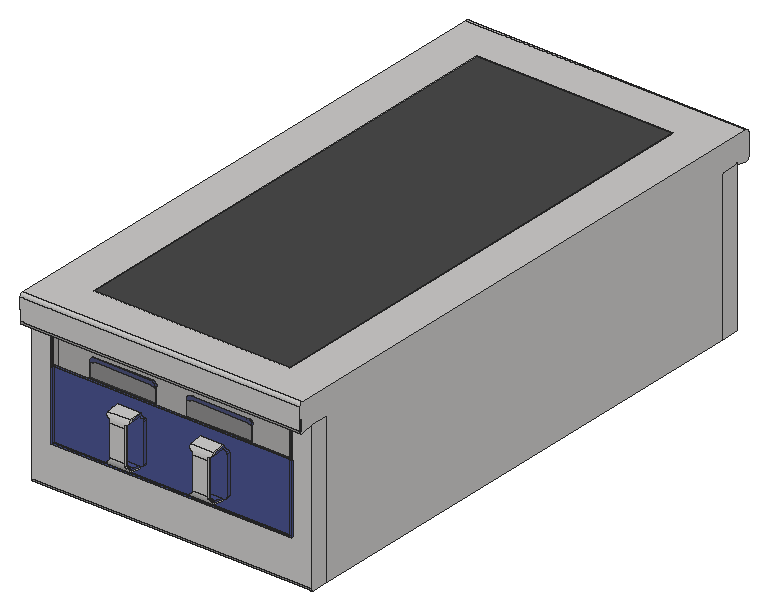
Revit family "QF_ELECTROLUXPROFESSIONAL_588012_MACBAADOAO", category Specialty Equipment, Revit 2018
Family settings
  Round Connector Dimension = Use Diameter
  Part Type = Normal
  Work Plane-Based = No
  Always vertical = Yes
  Cut with Voids When Loaded = No
  Shared = No
  Room Calculation Point = No
Parameters
  Weight in Pounds = 44.0925
  Watts = 8000 VA  # 8000 W
  Volts = 400 V  # constant formula
  URL Cutsheet = ""
  Type Mark [instance] = ""
  Status [instance] = ""
  Specification by User [instance] = ""
  Specification by Manufacturer = ""
  Show Clearance [instance] = yes
  Serial Number = ""
  Seismic Rating = ""
  SMACNA No = ""
  Revision Code [instance] = ""
  Phase = 3  # constant formula
  Omniclass Number and Title = ""
  Number of Poles [instance] = 1
  NAFEM Spec ID Number = ""
  Model = "588012"
  Min Ckt Ampacity = 0 A
  Max Overcurrent Protection = 0 A
  Masterspec = ""
  Manufacturer = "ELECTROLUX"
  Item Number [instance] = ""
  Installed By [instance] = ""
  Identify Quantity as Lot [instance] = yes
  HP = "10.7 HP"
  Furnished By [instance] = ""
  Foodservice Equipment Identifier [instance] = yes
  FL Amps [instance] = if(Phase = 3, Watts / (Volts * 1.73), Watts / Volts)  # 11.5607 A
  Electrical Remarks = "400 V/3N ph/50/60 Hz"  # constant formula
  Electric Connection Type [instance] = ""
  Elec Conn RI Height [instance] = 0 mm
  Elec Conn Connection Height [instance] = 0 mm
  Direct Waste Size = 0"
  Description = "INFRARED TOP,2 ZONES,1-SIDE,400X800X250H"
  Cycle [instance] = if([60 Hertz Option], 60 Hz, 50 Hz)  # 60 Hz
  Conn Plug = ""
  Conn Conduit = yes
  CSI MasterFormat = ""
  CSI Master Format = ""
  Back Panel [instance] = yes
  Apparent Power [instance] = if(Phase = 3, Volts * FL Amps * 1.73, Volts * FL Amps)  # 8000 VA
  60 Hertz Option [instance] = not([50 Hertz Option])  # yes
  50 Hertz Option [instance] = no
Reference planes
  plane 1 "BACK": y = 0
  plane 2: z = 0
  plane 3 "LEFT": x = 0
  plane 4 "RIGHT": x = 400
  plane 5 "FRONT": y = -800
  plane 6 "TOP": z = 250
  plane 7: x = 200
  plane 8: y = -400
  plane 9: z = 582.185
  plane 10: x = 355
Forms (mm)
  Extrusion 1, solid, material "QF_Finishes_Stainless Steel"
    sketch origin (0, -487.128, 0) x (0, 1, 0) y (0, 0, 1)
      loop
        line (483.128, 250) -> (-308.872, 250)
        arc (-308.872, 250) -> (-311.7, 248.828) -> (-312.872, 246) r 4
        line (-312.872, 246) -> (-312.872, 214)
        arc (-312.872, 214) -> (-311.443, 210.936) -> (-308.177, 210.061) r 4
        line (-308.177, 210.061) -> (-291.509, 213) -> (-266.872, 213) -> (-266.872, 0) -> (441.128, 0) -> (441.128, 213) -> (465.765, 213) -> (482.433, 210.061)
        arc (482.433, 210.061) -> (485.699, 210.936) -> (487.128, 214) r 4
        line (487.128, 214) -> (487.128, 246)
        arc (487.128, 246) -> (485.956, 248.828) -> (483.128, 250) r 4
    from 0 to 400
  Extrusion 2, solid, material "QF_Finishes_Stainless Steel", visible <- "Back Panel"
    sketch origin (0, 0, 0) x (0, 1, 0) y (0, 0, 1)
      loop
        line (-46, 0) -> (-20, 0) -> (-20, 215)
        arc (-20, 215) -> (-20.586, 213.586) -> (-22, 213) r 2
        line (-22, 213) -> (-46, 213) -> (-46, 0)
    from 0 to 400
  Extrusion 3, void
    sketch origin (653.786, 44.048, 250) x (1, 0, 0) y (0, -1, 0)
      loop
        line (-593.786, 104.048) -> (-313.786, 104.048) -> (-313.786, 787.779) -> (-593.786, 787.779) -> (-593.786, 104.048)
    from 0 to 37
  Extrusion 4, solid, material "QF_Finishes_Stainless Steel"
    sketch origin (0, -754, 0) x (1, 0, 0) y (0, -1, 0)
      loop
        circle (355, -69) r 6.35
    from 0 to 3.2
  Extrusion 5, solid, material "QF_Finishes_Black"
    sketch origin (653.786, 44.048, 213) x (1, 0, 0) y (0, 1, 0)
      loop
        line (-593.786, -787.779) -> (-313.786, -787.779) -> (-313.786, -104.048) -> (-593.786, -104.048) -> (-593.786, -787.779)
    from 0 to 37
Cuts and joins
  Extrusion 3 cuts Extrusion 1
Lines and regions (mm)
  symbolic lines
    curve 1: line (0, 0, 0) -> (400, 0, 0)
    curve 2: line (0, -800, 0) -> (0, 0, 0)
    curve 3: line (400, -800, 0) -> (0, -800, 0)
    curve 4: line (400, 0, 0) -> (400, -800, 0)
    curve 5: line (340, -743.73, 0) -> (340, -60, 0)
    curve 6: line (340, -60, 0) -> (60, -60, 0)
    curve 7: line (60, -60, 0) -> (60, -743.73, 0)
    curve 8: line (60, -743.73, 0) -> (340, -743.73, 0)
    curve 9: line (74.883, -802.326, 0) -> (74.883, -800, 0)
    curve 10: spline (80.551, -803.73, 0) -> (80.073, -803.657, 0) -> (79.595, -803.575, 0) -> (79.118, -803.486, 0) -> (78.642, -803.389, 0) -> (78.167, -803.283, 0) -> (77.693, -803.17, 0) -> (77.221, -803.049, 0) -> (76.75, -802.92, 0) -> (76.281, -802.783, 0) -> (75.813, -802.638, 0) -> (75.347, -802.486, 0) -> (74.883, -802.326, 0)
    curve 11: line (107.098, -802.326, 0) -> (107.098, -800, 0)
    curve 12: spline (107.098, -802.326, 0) -> (106.634, -802.486, 0) -> (106.168, -802.638, 0) -> (105.7, -802.783, 0) -> (105.231, -802.92, 0) -> (104.76, -803.049, 0) -> (104.287, -803.17, 0) -> (103.814, -803.283, 0) -> (103.339, -803.389, 0) -> (102.863, -803.486, 0) -> (102.386, -803.575, 0) -> (101.908, -803.657, 0) -> (101.429, -803.73, 0)
    curve 13: line (80.551, -803.73, 0) -> (101.429, -803.73, 0)
    curve 14: line (325.117, -802.326, 0) -> (325.117, -800, 0)
    curve 15: spline (319.449, -803.73, 0) -> (319.927, -803.657, 0) -> (320.405, -803.575, 0) -> (320.882, -803.486, 0) -> (321.358, -803.389, 0) -> (321.833, -803.283, 0) -> (322.307, -803.17, 0) -> (322.779, -803.049, 0) -> (323.25, -802.92, 0) -> (323.719, -802.783, 0) -> (324.187, -802.638, 0) -> (324.653, -802.486, 0) -> (325.117, -802.326, 0)
    curve 16: line (292.902, -802.326, 0) -> (292.902, -800, 0)
    curve 17: spline (292.902, -802.326, 0) -> (293.366, -802.486, 0) -> (293.832, -802.638, 0) -> (294.3, -802.783, 0) -> (294.769, -802.92, 0) -> (295.24, -803.049, 0) -> (295.713, -803.17, 0) -> (296.186, -803.283, 0) -> (296.661, -803.389, 0) -> (297.137, -803.486, 0) -> (297.614, -803.575, 0) -> (298.092, -803.657, 0) -> (298.571, -803.73, 0)
    curve 18: line (319.449, -803.73, 0) -> (298.571, -803.73, 0)
Dimensions and locks
  plane 3 "LEFT" to plane 4 "RIGHT" = 400 mm
  plane 5 "FRONT" to plane 1 "BACK" = 800 mm
  equal spacing: plane 3 "LEFT", plane 7, plane 4 "RIGHT"
  equal spacing: plane 5 "FRONT", plane 8, plane 1 "BACK"
  plane 6 "TOP" to level = 250 mm  (x2)
  plane 1 "BACK" to plane 5 "FRONT" = 800 mm
  Extrusion 4 sketch curve to plane 1 "BACK" = 685 mm
  Extrusion 4 sketch curve to plane 4 "RIGHT" = 45 mm
  plane 1 "BACK" to Extrusion 4 = 685 mm
  locked: plane 10 to plane 4 "RIGHT" at 45
  aligned and locked: level to plane 2
  aligned and locked: cut or joined group of Extrusion 1, Extrusion 3 to plane 4 "RIGHT"
  aligned and locked: Extrusion 2 to plane 4 "RIGHT"
  aligned and locked: plane 7 to nested 1
Automatic sketch dimensions
  Extrusion 2 sketch curve to Extrusion 2 sketch curve = 26 mm
  plane 1 "BACK" to Extrusion 2 sketch curve = 22 mm
  Extrusion 2 sketch curve to Extrusion 2 sketch curve = 2 mm
  level to Extrusion 2 sketch curve = 213 mm
  Extrusion 1 sketch curve to plane 5 "FRONT" = 0 mm
  Extrusion 1 sketch curve to plane 6 "TOP" = 0 mm
  Extrusion 1 sketch curve to level = 0 mm
  Extrusion 1 sketch curve to plane 1 "BACK" = 0 mm
  Extrusion 1 sketch curve to plane 6 "TOP" = 37 mm  (x2)
  Extrusion 1 sketch curve to plane 5 "FRONT" = 4 mm
  Extrusion 1 sketch curve to plane 5 "FRONT" = 21.363 mm
  Extrusion 1 sketch curve to plane 5 "FRONT" = 46 mm
  plane 1 "BACK" to Extrusion 1 sketch curve = 21.363 mm
  plane 1 "BACK" to Extrusion 1 sketch curve = 4 mm  (x2)
  Extrusion 1 sketch curve to Extrusion 1 sketch curve = 4 mm
  Extrusion 1 sketch curve to Extrusion 1 sketch curve = 0.695 mm
  Extrusion 1 sketch curve to Extrusion 1 sketch curve = 0 mm  (x4)
  plane 1 "BACK" to Extrusion 1 sketch curve = 4.695 mm
  Extrusion 1 sketch curve to Extrusion 1 sketch curve = 1 mm  (x2)
  plane 1 "BACK" to Extrusion 1 sketch curve = 46 mm
  plane 1 "BACK" to curve 1 = 0 mm
  curve 1 to plane 4 "RIGHT" = 0 mm
  curve 1 to plane 3 "LEFT" = 0 mm
  plane 5 "FRONT" to curve 3 = 0 mm
  plane 10 to curve 5 = 15 mm
  plane 5 "FRONT" to curve 14 = 2.326 mm
  plane 10 to curve 14 = 29.883 mm
  plane 5 "FRONT" to curve 18 = 3.73 mm
  curve 14 to curve 18 = 5.669 mm
  curve 15 to curve 18 = 20.878 mm
  plane 5 "FRONT" to curve 16 = 2.326 mm
  curve 17 to curve 16 = 5.669 mm
  plane 5 "FRONT" to curve 11 = 2.326 mm
  curve 11 to plane 7 = 92.902 mm
  plane 5 "FRONT" to curve 13 = 3.73 mm
  curve 11 to curve 13 = 5.669 mm
  curve 13 to curve 13 = 20.878 mm
  plane 5 "FRONT" to curve 9 = 2.326 mm
  curve 13 to curve 9 = 5.669 mm
  plane 3 "LEFT" to curve 7 = 60 mm
  curve 5 to curve 15 = 24.722 mm
  curve 15 to curve 17 = 12.538 mm
  plane 5 "FRONT" to curve 12 = 4.032 mm
  curve 13 to curve 12 = 4.17 mm
  curve 12 to curve 10 = 12.538 mm
  plane 1 "BACK" to curve 7 = 60 mm
  curve 8 to curve 12 = 17.168 mm
  curve 10 to curve 12 = 0 mm
  curve 5 to curve 15 = 17.168 mm
  curve 17 to curve 15 = 0 mm
  Extrusion 1 to Extrusion 3 sketch curve = 60 mm  (x2)
  Extrusion 1 to Extrusion 3 sketch curve = 52.27 mm
  Extrusion 1 to Extrusion 3 sketch curve = 56 mm
  Extrusion 5 sketch curve to Extrusion 3 = 0 mm  (x3)
  Extrusion 3 to Extrusion 5 sketch curve = 0 mm
  Extrusion 2 sketch curve to level = 0 mm
  radius of Extrusion 4 sketch curve = 6.35 mm
Nested families
  nested 1: "IDT_800_500 mm Double Control Front Panel" at (202.376, -754, -650), type "IDT_800_500 mm Double Control Front Panel"
Connectors
  electrical at (355, -685, -3.2), driven by "Volts", driven by "Watts"
    settings: on Extrusion 4, index 1, voltage 400 V, apparent load 8000 VA, apparent load phase1 0 VA, apparent load phase2 0 VA, apparent load phase3 0 VA, power factor 1, load classification "Other", number of poles 1, system type 30, power factor state 1, is connector primary yes, connector utility no, sub classification motor no, connector description "ELECTRICAL CONNECTION"
Definition of nested family "IDT_800_500 mm Double Control Front Panel"
  Parameters
    Length = 400 mm
  Reference planes
    plane 1 "Center (Front/Back)": y = 0
    plane 2: z = 0
    plane 3 "Center (Left/Right)": x = -2.376
    plane 4: x = -202.376
    plane 5: x = 197.624
  Forms (mm)
    Extrusion 1, solid
      sketch origin (833.217, 829.203, -1.25) x (0, 1, 0) y (0, 0, 1)
        loop
          arc (-854.203, 654.25) -> (-853.324, 652.129) -> (-851.203, 651.25) r 3
          line (-851.203, 651.25) -> (-829.203, 651.25) -> (-829.203, 864.25) -> (-854.203, 864.25) -> (-854.203, 654.25)
      from -1035.593 to -635.593
    Extrusion 2, void
      sketch origin (33.217, 829.203, -1.25) x (1, 0, 0) y (0, 0, 1)
        loop
          line (-207.593, 852.364) -> (-207.593, 710.364) -> (136.407, 710.364) -> (136.407, 852.364) -> (-207.593, 852.364)
      from 843.409 to 854.203
  Cuts and joins
    Extrusion 2 cuts Extrusion 1
  Dimensions and locks
    equal spacing: plane 5, plane 3 "Center (Left/Right)", plane 4
    "Length": plane 5 to plane 4
    locked: nested 2 to plane 4 at 117.396
    locked: plane 5 to nested 1 at 117
    locked: nested 2 to plane 4 at 141.217
    locked: plane 5 to nested 1 at 140.821
    aligned and locked: cut or joined group of Extrusion 1, Extrusion 2 to plane 4
    aligned and locked: plane 5 to cut or joined group of Extrusion 1, Extrusion 2
    aligned and locked: plane 3 "Center (Left/Right)" to nested 3
  Automatic sketch dimensions
    Extrusion 1 sketch curve to plane 1 "Center (Front/Back)" = 0 mm
    plane 1 "Center (Front/Back)" to Extrusion 1 sketch curve = 22 mm
    Extrusion 1 sketch curve to Extrusion 1 sketch curve = 3 mm
    level to Extrusion 1 sketch curve = 650 mm
    Extrusion 1 sketch curve to Extrusion 1 sketch curve = 210 mm
    plane 4 to Extrusion 2 sketch curve = 28 mm
    Extrusion 2 sketch curve to plane 5 = 28 mm
    level to Extrusion 2 sketch curve = 709.114 mm
    Extrusion 2 sketch curve to Extrusion 2 sketch curve = 142 mm
  Nested families
    nested 1: "Range Control Handle" at (56.804, -28.137, -209.113), type "Range Control Handle"
    nested 2: "Range Control Handle" at (-61.159, -28.137, -209.113) x (-1, 0, 0) z (0, 0, 1), type "Range Control Handle"
    nested 3: "glass conrol panel One Right Side" at (-2.376, 278.697, 0), type "glass conrol panel One Right Side"
  Definition of nested family "Range Control Handle"
    Reference planes
      plane 1 "Center (Front/Back)": y = 0
      plane 2: z = 0
      plane 3 "Center (Left/Right)": x = 0
      plane 4: z = 971.092
    Forms (mm)
      Extrusion 1, solid
        sketch origin (-746.28, 380.497, 208.931) x (-1, 0, 0) y (0, 0, 1)
          loop
            line (-770.101, 786.798) -> (-770.101, 731.649)
            arc (-770.101, 731.649) -> (-769.759, 730.563) -> (-768.855, 729.87) r 1.893
            line (-768.855, 729.87) -> (-763.474, 727.911) -> (-729.81, 727.911) -> (-724.428, 729.87)
            arc (-724.428, 729.87) -> (-723.525, 730.563) -> (-723.183, 731.649) r 1.893
            line (-723.183, 731.649) -> (-723.183, 786.798)
            arc (-723.183, 786.798) -> (-723.529, 787.894) -> (-724.44, 788.593) r 1.91
            line (-724.44, 788.593) -> (-729.683, 790.819) -> (-763.601, 790.819) -> (-768.844, 788.593)
            arc (-768.844, 788.593) -> (-769.755, 787.894) -> (-770.101, 786.798) r 1.91
        from -382.35 to -378.852
      Sweep 2, solid
        path origin (-746.788, 380.496, 208.091) x (0, -1, 0) y (0, 0, 1)
          loop
            line (379.775, 793.281) -> (395.661, 791.048)
            arc (395.661, 791.048) -> (397.781, 787.377) -> (398.517, 783.202) r 12.207
            line (398.517, 783.202) -> (398.517, 737.368)
            arc (398.517, 737.368) -> (397.781, 733.193) -> (395.661, 729.522) r 12.207
            line (395.661, 729.522) -> (379.775, 727.289)
        profile origin (-746.788, -7.222, 1000.256) x (0, -0.139173, 0.990268) y (-1, 0, 0)
          loop
            line (0.782, -763.123) -> (0.782, -730.907) -> (-1.322, -730.907) -> (-1.322, -763.123) -> (0.782, -763.123)
      Sweep 3, solid
        path origin (-746.788, 380.715, 207.832) x (0, -1, 0) y (0, 0, 1)
          loop
            line (380.478, 795.442) -> (397.218, 793.09)
            arc (397.218, 793.09) -> (399.929, 788.473) -> (400.871, 783.202) r 15.207
            line (400.871, 783.202) -> (400.871, 737.584)
            arc (400.871, 737.584) -> (399.914, 732.274) -> (397.164, 727.633) r 15.207
            line (397.164, 727.633) -> (380.601, 725.305)
        profile origin (-746.788, -8.132, 1002.099) x (0, -0.139173, 0.990268) y (-1, 0, 0)
          loop
            line (0.782, -763.123) -> (0.782, -730.907) -> (-1.322, -730.907) -> (-1.322, -763.123) -> (0.782, -763.123)
      Extrusion 4, void
        sketch origin (889.253, 220.666, 207.993) x (1, 0, 0) y (0, 0, 1)
          loop
            line (-943.038, 816.854) -> (-943.038, 703.686) -> (-899.466, 734.196) -> (-899.466, 786.344) -> (-943.038, 816.854)
        from 230.636 to 242.25
      Extrusion 5, void
        sketch origin (-888.8, 220.666, 207.993) x (-1, 0, 0) y (0, 0, -1)
          loop
            line (-943.038, -816.854) -> (-899.466, -786.344) -> (-899.466, -734.196) -> (-943.038, -703.686) -> (-943.038, -816.854)
        from 230.636 to 242.25
      Extrusion 6, solid
        sketch origin (0, 0, 0) x (1, 0, 0) y (0, 0, 1)
          loop
            circle (0, 971.092) r 7.736
        from -3.137 to -1.645
    Cuts and joins
      Extrusion 4, Extrusion 5 cuts Sweep 3
      Extrusion 4, Extrusion 5 cuts Sweep 2
      joined: Extrusion 1, Extrusion 6
    Lines and regions (mm)
      symbolic lines
        curve 1: line (23.821, 1.645, 0) -> (-23.097, 1.645, 0)
        curve 2: line (16.334, -1.853, 0) -> (23.821, -1.853, 0)
        curve 3: line (-15.881, -19.189, 0) -> (-15.881, -1.853, 0)
        curve 4: line (-23.097, -1.853, 0) -> (-15.881, -1.853, 0)
        curve 5: line (16.334, -19.189, 0) -> (16.334, -1.853, 0)
        curve 6: spline (-15.881, -19.189, 0) -> (-15.417, -19.349, 0) -> (-14.951, -19.501, 0) -> (-14.483, -19.646, 0) -> (-14.014, -19.783, 0) -> (-13.543, -19.912, 0) -> (-13.071, -20.033, 0) -> (-12.597, -20.146, 0) -> (-12.122, -20.251, 0) -> (-11.646, -20.349, 0) -> (-11.169, -20.438, 0) -> (-10.691, -20.52, 0) -> (-10.213, -20.593, 0)
        curve 7: spline (10.666, -20.593, 0) -> (11.144, -20.52, 0) -> (11.622, -20.438, 0) -> (12.099, -20.349, 0) -> (12.575, -20.251, 0) -> (13.05, -20.146, 0) -> (13.524, -20.033, 0) -> (13.996, -19.912, 0) -> (14.467, -19.783, 0) -> (14.936, -19.646, 0) -> (15.404, -19.501, 0) -> (15.87, -19.349, 0) -> (16.334, -19.189, 0)
        curve 8: line (-10.213, -20.938, 0) -> (10.716, -20.938, 0)
        curve 9: line (-23.097, 1.645, 0) -> (-23.097, -1.853, 0)
        curve 10: line (23.821, 1.645, 0) -> (23.821, -1.853, 0)
  Definition of nested family "glass conrol panel One Right Side"
    Reference planes
      plane 1 "Center (Front/Back)": y = 0
      plane 2: z = 0
      plane 3 "Center (Left/Right)": x = 0
    Forms (mm)
      Extrusion 1, solid
        sketch origin (378.286, 0, 0.617) x (1, 0, 0) y (0, 0, 1)
          loop
            line (-550.286, 806.791) -> (-550.286, 708.497) -> (-206.286, 708.497) -> (-206.286, 806.791) -> (-550.286, 806.791)
        from 300.031 to 304.8
      Extrusion 2, solid
        sketch origin (378.286, 0, 0.617) x (1, 0, 0) y (0, 0, 1)
          loop
            line (-550.286, 850.497) -> (-550.286, 806.791) -> (-206.286, 806.791) -> (-206.286, 850.497) -> (-550.286, 850.497)
        from 300.031 to 304.8
      Extrusion 3, void
        sketch origin (378.286, 0, 0.617) x (1, 0, 0) y (0, 0, 1)
          loop
            line (-547.628, 847.565) -> (-547.628, 710.699) -> (-209.196, 710.699) -> (-209.196, 847.565) -> (-547.628, 847.565)
        from 303.697 to 304.8
      Extrusion 4, solid
        sketch origin (377.536, 1.101, -0.633) x (1, 0, 0) y (0, 0, 1)
          loop
            line (-261.431, 812.62) -> (-261.431, 834.177) -> (-266.24, 834.177) -> (-268.039, 835.977) -> (-348.469, 835.977) -> (-350.269, 834.177) -> (-355.186, 834.177) -> (-355.186, 812.62) -> (-261.431, 812.62)
        from 304.798 to 306.745
      Extrusion 5, solid
        sketch origin (377.536, 1.101, -0.633) x (1, 0, 0) y (0, 0, 1)
          loop
            line (-350.269, 834.177) -> (-348.469, 835.977) -> (-268.039, 835.977) -> (-266.24, 834.177) -> (-261.529, 834.177)
            arc (-261.529, 834.177) -> (-262.706, 838.752) -> (-266.98, 840.763) r 5.549
            line (-266.98, 840.763) -> (-349.686, 840.763)
            arc (-349.686, 840.763) -> (-353.942, 838.747) -> (-355.078, 834.177) r 5.5
            line (-355.078, 834.177) -> (-350.269, 834.177)
        from 304.798 to 306.745
      Extrusion 6, solid
        sketch origin (-377.536, 1.101, -0.633) x (-1, 0, 0) y (0, 0, -1)
          loop
            line (-261.431, -812.62) -> (-355.186, -812.62) -> (-355.186, -834.177) -> (-350.269, -834.177) -> (-348.469, -835.977) -> (-268.039, -835.977) -> (-266.24, -834.177) -> (-261.431, -834.177) -> (-261.431, -812.62)
        from 304.798 to 306.745
      Extrusion 7, solid
        sketch origin (-377.536, 1.101, -0.633) x (-1, 0, 0) y (0, 0, -1)
          loop
            line (-350.269, -834.177) -> (-355.078, -834.177)
            arc (-355.078, -834.177) -> (-353.942, -838.747) -> (-349.686, -840.763) r 5.5
            line (-349.686, -840.763) -> (-266.98, -840.763)
            arc (-266.98, -840.763) -> (-262.706, -838.752) -> (-261.529, -834.177) r 5.549
            line (-261.529, -834.177) -> (-266.24, -834.177) -> (-268.039, -835.977) -> (-348.469, -835.977) -> (-350.269, -834.177)
        from 304.798 to 306.745
    Cuts and joins
      Extrusion 3 cuts Extrusion 1
      Extrusion 3 cuts Extrusion 2
      Extrusion 3 cuts Extrusion 4
      Extrusion 3 cuts Extrusion 5
    Dimensions and locks
      aligned and locked: Extrusion 1 to Extrusion 2
      aligned and locked: Extrusion 5 sketch curve to Extrusion 4  (x4)
      aligned and locked: Extrusion 4 to Extrusion 5 sketch curve
      aligned and locked: Extrusion 5 to Extrusion 4
      aligned and locked: Extrusion 7 sketch curve to Extrusion 6  (x5)
      aligned and locked: Extrusion 7 to Extrusion 6
